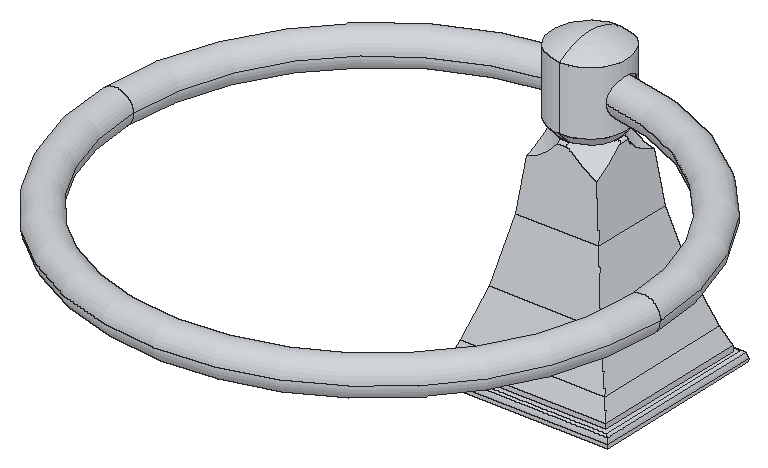
Revit family "Accessory-Towel_Ring-KOHLER-Memoirs-K-487", category Specialty Equipment, host Face, Revit 2015
Parameters (values of type "CP-Polished Chrome")
  Width = 3 1/4"  # constant formula
  URL = "https://www.us.kohler.com/us/"
  Type = 1
  Product Page URL = "http://www.us.kohler.com/us/catalog/productDetails.jsp?productNumber=487"
  Product Name = "Memoirs"  # constant formula
  Product Documentation Link = "http://www.us.kohler.com/onlinecatalog/pdf/K-487_spec.pdf"
  Model = if(Type = 1, "K-487-CP", if(Type = 2, "K-487-BN", if(Type = 3, "K-487-BV", if(Type = 4, "K-487-2BZ", "NA"))))  # "K-487-CP"
  Material = "Brass Construction"  # constant formula
  MasterFormat 2004 = "10.28.13"  # constant formula
  MasterFormat 1995 = "10820"  # constant formula
  Manufacturer Address = "444 Highland Dr, Kohler, WI 53044"  # constant formula
  Manufacturer = "KOHLER Co."  # constant formula
  Length = 6"  # constant formula
  Height = 6 3/4"  # constant formula
  Finish = Kohler-Metal-CP-Polished_Chrome
  Environmental Product Declaration = ""
  Description = "Towel Ring"  # constant formula
  Default Elevation = 42"
  Declare Label = ""
  Date Modified = "11/13/2018"  # constant formula
  Date Created = "11/13/2018"  # constant formula
  Copyright = "Copyright KOHLER Co."  # constant formula
  Contact Us = "https://www.us.kohler.com/us/static/contact.jsp"
  Assembly Code = "C1030200"
  ADA Compliant = 1 = 0  # no
Types (5): name | Type | Model | Finish
  (no name) | 1 | "K-487-CP" | Kohler-Metal-CP-Polished_Chrome
  CP-Polished Chrome | 1 | "K-487-CP" | Kohler-Metal-CP-Polished_Chrome
  BN-Vibrant Brushed Nickel | 2 | "K-487-BN" | Kohler-Metal-BN-Vibrant_Brushed_Nickel
  BV-Vibrant Brushed Bronze | 3 | "K-487-BV" | Kohler-Metal-BV-Brushed_Bronze
  2BZ-Oil-Rubbed Bronze | 4 | "K-487-2BZ" | Kohler-Metal-2BZ-Oil_Rubbed_Bronze
Reference planes (in)
  plane 1 "Center (Front/Back)": y = 0
  plane 2: z = 0
  plane 3 "Center (Left/Right)": x = 0
  plane 4: z = 3.25
  plane 5: x = 3
  plane 6: x = -3
  plane 7: y = 0.9375
  plane 8: y = -5.8125
Dimensions and locks (in)
  "Width": plane 4 to level
  "Length": plane 6 to plane 5
  "Height": plane 7 to plane 8
  aligned and locked: host face to plane 2
  aligned and locked: host face to level
Automatic sketch dimensions
  host sketch curve to host sketch curve = 96"  (x2)
Nested families (in)
  nested 1: "K-487" at (0, 0, 0), type "K-487"
Definition of nested family "K-487"
  Parameters (values of type "K-487")
    Material = none
  Reference planes (in)
    plane 1 "Center (Front/Back)": y = 0
    plane 2: z = 0
    plane 3 "Center (Left/Right)": x = 0
    plane 4: y = 0.9375
    plane 5: y = -0.9375
    plane 6: y = -5.8125
    plane 7: x = 3
    plane 8: x = -3
    plane 9: z = 3.25
    plane 10: x = -0.9375
    plane 11: x = 0.9375
    plane 12: y = 0.1875
  Forms (in)
    Sweep 1, solid, material <- "Material", detail levels medium+fine
      path origin (0, 0, 0) x (1, 0, 0) y (0, 1, 0)
        loop
          line (-0.9375, 0.9375) -> (-0.9375, -0.9375) -> (0.9375, -0.9375) -> (0.9375, 0.9375) -> (-0.9375, 0.9375)
      profile origin (0, 0.9375, 0) x (0, 1, 0) y (0, 0, 1)
        loop
          line (0, 0) -> (0, 0.0308228)
          arc (0, 0.0308228) -> (-0.0037792, 0.0625511) -> (-0.0149052, 0.0925039) r 0.1350774
          arc (-0.0149052, 0.0925039) -> (-0.0264184, 0.1049033) -> (-0.0427069, 0.1094841) r 0.03125
          line (-0.0427069, 0.1094841) -> (-0.0924999, 0.1094841) -> (-0.0924999, 0.1604858)
          arc (-0.0924999, 0.1604858) -> (-0.1323988, 0.2596282) -> (-0.1720269, 0.3588791) r 39.1568854
          arc (-0.1720269, 0.3588791) -> (-0.2640609, 0.6082146) -> (-0.3435635, 0.861824) r 5.3351777
          arc (-0.3435635, 0.861824) -> (-0.429626, 1.199728) -> (-0.4956288, 1.5421158) r 5.9152255
          arc (-0.4956288, 1.5421158) -> (-0.5464824, 1.9235867) -> (-0.5755753, 2.307331) r 6.7692959
          arc (-0.5755753, 2.307331) -> (-0.5857733, 2.3296774) -> (-0.6085763, 2.3388088) r 0.0330378
          line (-0.6085763, 2.3388088) -> (-0.6470109, 2.3388088) -> (-0.6470109, 0) -> (0, 0)
    Extrusion 2, solid, material <- "Material", detail levels medium+fine
      sketch origin (0, 0, 0) x (1, 0, 0) y (0, 1, 0)
        loop
          line (-0.2904891, 0.2904891) -> (-0.2904891, -0.2904891) -> (0.2904891, -0.2904891) -> (0.2904891, 0.2904891) -> (-0.2904891, 0.2904891)
      from 0 to 2.3388088
    Revolve 3, solid, material <- "Material", detail levels medium+fine
      sketch origin (0, 0, 0) x (0, 1, 0) y (0, 0, 1)
        loop
          line (0, 3.25) -> (0, 2.3388088) -> (0.3159476, 2.3388088) -> (0.3999999, 2.4389783) -> (0.3999999, 3.1196521)
          arc (0.3999999, 3.1196521) -> (0.2103512, 3.216591) -> (0, 3.25) r 0.6789156
        axis (0, 2.3388088) -> (0, 3.25)
      angle from 0 to 360
    Extrusion 4, void
      sketch origin (0, 0, 0) x (0, 1, 0) y (0, 0, 1)
        loop
          circle (-0.0078125, 2.7694535) r 0.2028696
      from -0.5903661 to 0.492412
    Sweep 5, solid, material <- "Material", detail levels medium+fine
      path origin (0, 0, 0) x (1, 0, 0) y (0, 1, 0)
        loop
          circle (0, -2.8125) r 3
      profile origin (-3, -2.8125, 0) x (1, 0, 0) y (0, 0, 1)
        loop
          circle (0.1875, 2.7689457) r 0.1875
    Extrusion 6, void
      sketch origin (0.46875, 0.46875, 0) x (-0.707107, 0.707107, 0) y (0, 0, 1)
        loop
          line (-0.2662834, 2.3388088) -> (-0.6544034, 2.3388088) -> (-0.6544034, 2.0159477)
          arc (-0.6544034, 2.0159477) -> (-0.4423434, 2.1557399) -> (-0.2662834, 2.3388088) r 1.1459986
      from -0.9209866 to -0.3059403
    Extrusion 7, void
      sketch origin (0.46875, 0.46875, 0) x (-0.707107, 0.707107, 0) y (0, 0, 1)
        loop
          arc (0.2681711, 2.3388088) -> (0.412761, 2.1551696) -> (0.6275326, 2.0629592) r 0.4739714
          line (0.6275326, 2.0629592) -> (0.6275326, 2.3388088) -> (0.2681711, 2.3388088)
      from -0.991863 to -0.3245184
    Extrusion 8, void
      sketch origin (0.46875, -0.46875, 0) x (0.707107, 0.707107, 0) y (0, 0, 1)
        loop
          arc (0.2785653, 2.3388088) -> (0.4199105, 2.1538072) -> (0.634294, 2.0630118) r 0.4547203
          line (0.634294, 2.0630118) -> (0.634294, 2.3388088) -> (0.2785653, 2.3388088)
      from -1.0229913 to 0.1259123
    Extrusion 9, void
      sketch origin (0.46875, -0.46875, 0) x (-0.707107, -0.707107, 0) y (0, 0, -1)
        loop
          line (0.2785653, -2.3388088) -> (0.634294, -2.3388088) -> (0.634294, -2.0630118)
          arc (0.634294, -2.0630118) -> (0.4199105, -2.1538072) -> (0.2785653, -2.3388088) r 0.4547203
      from -1.0229913 to 0.1259123
    Extrusion 10, solid, material <- "Material", detail levels coarse
      sketch origin (0, 0, 0) x (1, 0, 0) y (0, 1, 0)
        loop
          line (-0.9375, 0.9375) -> (-0.9375, -0.9375) -> (0.9375, -0.9375) -> (0.9375, 0.9375) -> (-0.9375, 0.9375)
      from 0 to 2.3388088
    Extrusion 11, solid, material <- "Material", detail levels coarse
      sketch origin (0, 0, 0) x (1, 0, 0) y (0, 1, 0)
        loop
          circle (0, 0) r 0.3999999
      from 2.3388088 to 3.2449939
    Sweep 12, solid, material <- "Material", detail levels coarse
      path origin (0, 0, 0) x (1, 0, 0) y (0, 1, 0)
        loop
          circle (0, -2.8125) r 3.0018286
      profile origin (0, 0.1893286, 0) x (0, -1, 0) y (0, 0, 1)
        loop
          circle (0.1893286, 2.7650566) r 0.1950095
  Cuts and joins
    Extrusion 6, Extrusion 7, Extrusion 8, Extrusion 9 cuts Sweep 1
    Extrusion 6, Extrusion 7, Extrusion 8, Extrusion 9 cuts Extrusion 2
    Extrusion 4 cuts Revolve 3
    joined: Sweep 1, Extrusion 2, Revolve 3
    joined: Extrusion 10, Extrusion 11, Sweep 12
  Lines and regions (in)
    Masking region 1
      outline origin (0, 0, 0) x (1, 0, 0) y (0, 0, 1)
        loop
          line (0.9375, 0) -> (0.9375, 0.0308228)
          arc (0.9375, 0.0308228) -> (0.9337208, 0.0625511) -> (0.9225948, 0.0925039) r 0.1350774
          arc (0.9225948, 0.0925039) -> (0.9110816, 0.1049033) -> (0.8947931, 0.1094841) r 0.03125
          line (0.8947931, 0.1094841) -> (0.8450001, 0.1094841) -> (0.8450001, 0.1604858)
          arc (0.8450001, 0.1604858) -> (0.8051012, 0.2596282) -> (0.7654731, 0.3588791) r 39.1568854
          arc (0.7654731, 0.3588791) -> (0.6734391, 0.6082146) -> (0.5939365, 0.861824) r 5.3351777
          arc (0.5939365, 0.861824) -> (0.507874, 1.199728) -> (0.4418712, 1.5421158) r 5.9152255
          arc (0.4418712, 1.5421158) -> (0.3910176, 1.9235867) -> (0.3619247, 2.307331) r 6.7692959
          arc (0.3619247, 2.307331) -> (0.347621, 2.3336645) -> (0.3180985, 2.3388088) r 0.0344233
          line (0.3180985, 2.3388088) -> (0.3999999, 2.4389783) -> (0.3999999, 2.5814454) -> (2.8144371, 2.5814454)
          arc (2.8144371, 2.5814454) -> (2.9463127, 2.6364577) -> (3, 2.7688782) r 0.1855722
          arc (3, 2.7688782) -> (2.9452218, 2.9002591) -> (2.8144371, 2.956446) r 0.1895088
          line (2.8144371, 2.956446) -> (0.3999999, 2.956446) -> (0.3999999, 3.1196521)
          arc (0.3999999, 3.1196521) -> (0.2103512, 3.216591) -> (0, 3.25) r 0.6789156
          arc (0, 3.25) -> (-0.2103512, 3.216591) -> (-0.3999999, 3.1196521) r 0.6789156
          line (-0.3999999, 3.1196521) -> (-0.3999999, 2.956446) -> (-2.8144371, 2.956446)
          arc (-2.8144371, 2.956446) -> (-2.9452218, 2.9002591) -> (-3, 2.7688782) r 0.1895088
          arc (-3, 2.7688782) -> (-2.9463127, 2.6364577) -> (-2.8144371, 2.5814454) r 0.1855722
          line (-2.8144371, 2.5814454) -> (-0.3999999, 2.5814454) -> (-0.3999999, 2.4389783) -> (-0.3180985, 2.3388088)
          arc (-0.3180985, 2.3388088) -> (-0.347621, 2.3336645) -> (-0.3619247, 2.307331) r 0.0344233
          arc (-0.3619247, 2.307331) -> (-0.3910176, 1.9235867) -> (-0.4418712, 1.5421158) r 6.7692959
          arc (-0.4418712, 1.5421158) -> (-0.507874, 1.199728) -> (-0.5939365, 0.861824) r 5.9152255
          arc (-0.5939365, 0.861824) -> (-0.6734391, 0.6082146) -> (-0.7654731, 0.3588791) r 5.3351777
          arc (-0.7654731, 0.3588791) -> (-0.8051012, 0.2596282) -> (-0.8450001, 0.1604858) r 39.1568854
          line (-0.8450001, 0.1604858) -> (-0.8450001, 0.1094841) -> (-0.8947931, 0.1094841)
          arc (-0.8947931, 0.1094841) -> (-0.9110816, 0.1049033) -> (-0.9225948, 0.0925039) r 0.03125
          arc (-0.9225948, 0.0925039) -> (-0.9337208, 0.0625511) -> (-0.9375, 0.0308228) r 0.1350774
          line (-0.9375, 0.0308228) -> (-0.9375, 0) -> (0.0064076, 0) -> (0.9375, 0)
    Masking region 2
      outline origin (0, 0, 0) x (0, 1, 0) y (0, 0, 1)
        loop
          line (0.9375, 0) -> (0.9375, 0.0308228)
          arc (0.9375, 0.0308228) -> (0.9337208, 0.0625511) -> (0.9225948, 0.0925039) r 0.1350774
          arc (0.9225948, 0.0925039) -> (0.9110816, 0.1049033) -> (0.8947931, 0.1094841) r 0.03125
          line (0.8947931, 0.1094841) -> (0.8450001, 0.1094841) -> (0.8450001, 0.1604858)
          arc (0.8450001, 0.1604858) -> (0.8051012, 0.2596282) -> (0.7654731, 0.3588791) r 39.1568854
          arc (0.7654731, 0.3588791) -> (0.6734391, 0.6082146) -> (0.5939365, 0.861824) r 5.3351777
          arc (0.5939365, 0.861824) -> (0.507874, 1.199728) -> (0.4418712, 1.5421158) r 5.9152255
          arc (0.4418712, 1.5421158) -> (0.3910176, 1.9235867) -> (0.3619247, 2.307331) r 6.7692959
          arc (0.3619247, 2.307331) -> (0.3467655, 2.3345056) -> (0.3159476, 2.3388088) r 0.0349323
          line (0.3159476, 2.3388088) -> (0.3999999, 2.4389783) -> (0.3999999, 3.1196521)
          arc (0.3999999, 3.1196521) -> (0.2103512, 3.216591) -> (0, 3.25) r 0.6789156
          arc (0, 3.25) -> (-0.2103512, 3.216591) -> (-0.3999999, 3.1196521) r 0.6789156
          line (-0.3999999, 3.1196521) -> (-0.3999999, 2.9564456) -> (-5.6125994, 2.9564456)
          arc (-5.6125994, 2.9564456) -> (-5.7531563, 2.9059355) -> (-5.8125, 2.7688741) r 0.1879518
          arc (-5.8125, 2.7688741) -> (-5.7531465, 2.6318616) -> (-5.6125994, 2.5814457) r 0.1878175
          line (-5.6125994, 2.5814457) -> (-0.3999999, 2.5814457) -> (-0.3999999, 2.4389783) -> (-0.3159476, 2.3388088)
          arc (-0.3159476, 2.3388088) -> (-0.3467655, 2.3345056) -> (-0.3619247, 2.307331) r 0.0349323
          arc (-0.3619247, 2.307331) -> (-0.3910176, 1.9235867) -> (-0.4418712, 1.5421158) r 6.7692959
          arc (-0.4418712, 1.5421158) -> (-0.507874, 1.199728) -> (-0.5939365, 0.861824) r 5.9152255
          arc (-0.5939365, 0.861824) -> (-0.6734391, 0.6082146) -> (-0.7654731, 0.3588791) r 5.3351777
          arc (-0.7654731, 0.3588791) -> (-0.8051012, 0.2596282) -> (-0.8450001, 0.1604858) r 39.1568854
          line (-0.8450001, 0.1604858) -> (-0.8450001, 0.1094841) -> (-0.8947931, 0.1094841)
          arc (-0.8947931, 0.1094841) -> (-0.9110816, 0.1049033) -> (-0.9225948, 0.0925039) r 0.03125
          arc (-0.9225948, 0.0925039) -> (-0.9337208, 0.0625511) -> (-0.9375, 0.0308228) r 0.1350774
          line (-0.9375, 0.0308228) -> (-0.9375, 0) -> (0.118013, 0) -> (0.9375, 0)
    Masking region 3
      outline origin (0, 0, 0) x (1, 0, 0) y (0, 1, 0)
        loop
          arc (-3, -2.8125) -> (-2.1213203, -4.9338203) -> (0, -5.8125) r 3
          arc (0, -5.8125) -> (2.1213203, -4.9338203) -> (3, -2.8125) r 3
          arc (3, -2.8125) -> (2.4302778, -1.0535941) -> (0.9375, 0.0372533) r 3
          line (0.9375, 0.0372533) -> (0.9375, 0.9375) -> (-0.9375, 0.9375) -> (-0.9375, 0.0372533)
          arc (-0.9375, 0.0372533) -> (-2.4302778, -1.0535941) -> (-3, -2.8125) r 3
        loop
          arc (-2.625, -2.8125) -> (-1.8561553, -4.6686553) -> (0, -5.4375) r 2.625
          arc (0, -5.4375) -> (1.8561553, -4.6686553) -> (2.625, -2.8125) r 2.625
          arc (2.625, -2.8125) -> (2.1623555, -1.3242649) -> (0.9375, -0.3606193) r 2.625
          line (0.9375, -0.3606193) -> (0.9375, -0.9375) -> (-0.9375, -0.9375) -> (-0.9375, -0.3606193)
          arc (-0.9375, -0.3606193) -> (-2.1623555, -1.3242649) -> (-2.625, -2.8125) r 2.625
    symbolic lines, detail levels medium+fine
      curve 1: line (0.8450001, 0, 0.1094841) -> (-0.8450001, 0, 0.1094841)
      curve 2: line (0.8450001, 0, 0.1604858) -> (-0.8450001, 0, 0.1604858)
      curve 3: arc (0.3999999, 0, 2.956446) -> (0.3489328, 0, 2.7689457) -> (0.3999999, 0, 2.5814454) r 0.3697513
      curve 4: arc (-0.3999999, 0, 2.956446) -> (-0.3467026, 0, 2.7689457) -> (-0.3999999, 0, 2.5814454) r 0.3564624
      curve 5: line (0.3999999, 0, 3.1196521) -> (-0.3999999, 0, 3.1196521)
      curve 6: line (0.3180985, 0, 2.3388088) -> (-0.3180985, 0, 2.3388088)
      curve 7: line (0.3999999, 0, 2.4389783) -> (-0.3999999, 0, 2.4389783)
      curve 8: arc (0.2648082, 0, 2.1487327) -> (0.3201315, 0, 2.1162872) -> (0.3784378, 0, 2.0895711) r 0.6368018
      curve 9: arc (0.126854, 0, 2.2439813) -> (0.1952718, 0, 2.1955469) -> (0.2648082, 0, 2.1487327) r 3.5689549
      curve 10: arc (0.0501794, 0, 2.3075248) -> (0.0874956, 0, 2.2745209) -> (0.126854, 0, 2.2439813) r 0.7754253
      curve 11: arc (0.0354917, 0, 2.326586) -> (0.0420811, 0, 2.3164741) -> (0.0501794, 0, 2.3075248) r 0.0764745
      curve 12: arc (0.0440915, 0, 2.3388088) -> (0.0359954, 0, 2.3353683) -> (0.0354917, 0, 2.326586) r 0.0083358
      curve 13: arc (-0.2648082, 0, 2.1487327) -> (-0.3201651, 0, 2.1162697) -> (-0.3785083, 0, 2.089543) r 0.6368018
      curve 14: arc (-0.126854, 0, 2.2439813) -> (-0.1952718, 0, 2.1955469) -> (-0.2648082, 0, 2.1487327) r 3.5689549
      curve 15: arc (-0.0501794, 0, 2.3075248) -> (-0.0874956, 0, 2.2745209) -> (-0.126854, 0, 2.2439813) r 0.7754253
      curve 16: arc (-0.0354917, 0, 2.326586) -> (-0.0420811, 0, 2.3164741) -> (-0.0501794, 0, 2.3075248) r 0.0764745
      curve 17: arc (-0.0440915, 0, 2.3388088) -> (-0.0359954, 0, 2.3353683) -> (-0.0354917, 0, 2.326586) r 0.0083358
      curve 18: line (0, 0.8450001, 0.1094841) -> (0, -0.8450001, 0.1094841)
      curve 19: line (0, 0.8450001, 0.1604858) -> (0, -0.8450001, 0.1604858)
      curve 20: line (0, 0.3159476, 2.3388088) -> (0, -0.3159476, 2.3388088)
      curve 21: line (0, 0.3999999, 2.4389783) -> (0, -0.3999999, 2.4389783)
      curve 22: line (0, 0.3999999, 3.1196521) -> (0, -0.3999999, 3.1196521)
      curve 23: line (0, -0.3999999, 2.9564456) -> (0, 0, 2.9564456)
      curve 24: line (0, -0.3999999, 2.5814457) -> (0, 0, 2.5814457)
      curve 25: arc (0, 0, 2.5814457) -> (0, 0.1875, 2.7689457) -> (0, 0, 2.9564456) r 0.1875
      curve 26: arc (0, 0.1950571, 2.7694535) -> (0, 0.110634, 2.9377934) -> (0, -0.076763, 2.9564456) r 0.1952019
      curve 27: arc (0, -0.0953508, 2.5814457) -> (0, 0.0986575, 2.6000636) -> (0, 0.1950571, 2.7694535) r 0.211491
      curve 28: arc (0, -0.2391536, 2.1660434) -> (0, -0.3061121, 2.1229739) -> (0, -0.3784272, 2.0896731) r 0.5689304
      curve 29: arc (0, -0.1165595, 2.2523825) -> (0, -0.1784618, 2.2100723) -> (0, -0.2391536, 2.1660434) r 2.6742099
      curve 30: arc (0, -0.0459184, 2.3114369) -> (0, -0.0796022, 2.2799518) -> (0, -0.1165595, 2.2523825) r 0.4165272
      curve 31: arc (0, -0.0350793, 2.3275087) -> (0, -0.0398126, 2.31901) -> (0, -0.0459184, 2.3114369) r 0.0571589
      curve 32: arc (0, -0.0433021, 2.3388088) -> (0, -0.0359105, 2.3355457) -> (0, -0.0350793, 2.3275087) r 0.0080463
      curve 33: arc (0, 0.2391536, 2.1660434) -> (0, 0.3061121, 2.1229739) -> (0, 0.3784272, 2.0896731) r 0.5689304
      curve 34: arc (0, 0.1165595, 2.2523825) -> (0, 0.1784618, 2.2100723) -> (0, 0.2391536, 2.1660434) r 2.6742099
      curve 35: arc (0, 0.0459184, 2.3114369) -> (0, 0.0796022, 2.2799518) -> (0, 0.1165595, 2.2523825) r 0.4165272
      curve 36: arc (0, 0.0350793, 2.3275087) -> (0, 0.0398126, 2.31901) -> (0, 0.0459184, 2.3114369) r 0.0571589
      curve 37: arc (0, 0.0433021, 2.3388088) -> (0, 0.0359105, 2.3355457) -> (0, 0.0350793, 2.3275087) r 0.0080463
      curve 38: line (0, 0.0523474, 2.3071965) -> (0, -0.049962, 2.3071965)
      curve 39: line (0.0505755, 0, 2.3071514) -> (-0.0505755, 0, 2.3071514)
      curve 40: line (-0.8450001, 0.8450001, 0) -> (0.8450001, 0.8450001, 0)
      curve 41: line (0.8450001, 0.8450001, 0) -> (0.8450001, 0.0659319, 0)
      curve 42: line (0.8450001, -0.8450001, 0) -> (-0.8450001, -0.8450001, 0)
      curve 43: line (-0.8450001, -0.8450001, 0) -> (-0.8450001, -0.3185543, 0)
      curve 44: arc (-0.3758977, 0.375794, 0) -> (-0.2686088, 0.3699556, 0) -> (-0.1612315, 0.366066, 0) r 5.9181106
      curve 45: arc (-0.3758977, 0.375794, 0) -> (-0.3699569, 0.2686362, 0) -> (-0.3659975, 0.161387, 0) r 5.8067658
      curve 46: arc (-0.3758977, -0.374206, 0) -> (-0.2684978, -0.3693704, 0) -> (-0.1610373, -0.3661514, 0) r 7.1447749
      curve 47: arc (0.374206, -0.374206, 0) -> (0.369896, -0.2979197, 0) -> (0.3665623, -0.2215845, 0) r 5.9717034
      curve 48: arc (-0.3329988, -0.2216116, 0) -> (-0.6436188, -0.2547197, 0) -> (-0.9375, -0.3606193, 0) r 1.3064562
      curve 49: arc (-0.3659975, 0.161387, 0) -> (-0.6549773, 0.114184, 0) -> (-0.9375, 0.0372533, 0) r 2.818367
      curve 50: arc (0.3329988, -0.2216116, 0) -> (0.6436188, -0.2547197, 0) -> (0.9375, -0.3606193, 0) r 1.3064562
      curve 51: arc (0.3645849, 0.1615425, 0) -> (0.6542829, 0.1143347, 0) -> (0.9375, 0.0372533, 0) r 2.818367
      curve 52: circle (0, 0, 0) r 0.3999999 normal (0, 0, 1)
      curve 53: arc (0.1611507, 0.3661016, 0) -> (0.2677219, 0.3699783, 0) -> (0.374206, 0.3757746, 0) r 5.9181106
      curve 54: arc (0.1609548, -0.3661877, 0) -> (0.2676104, -0.3694006, 0) -> (0.374206, -0.374206, 0) r 7.1447749
      curve 55: arc (-0.3680368, -0.2216031, 0) -> (-0.3714652, -0.2979304, 0) -> (-0.3758977, -0.374206, 0) r 5.8067658
      curve 56: arc (0.3645849, 0.1615425, 0) -> (0.3684337, 0.2687018, 0) -> (0.374206, 0.3757746, 0) r 5.9717034
      curve 57: line (-0.8450001, 0.0659319, 0) -> (-0.8450001, 0.8450001, 0)
      curve 58: line (0.8450001, -0.3185543, 0) -> (0.8450001, -0.8450001, 0)
      curve 59: line (-0.3758977, 0.375794, 0) -> (-0.9375, 0.9373963, 0)
      curve 60: line (0.3757705, 0.3756698, 0) -> (0.9375, 0.9373993, 0)
      curve 61: line (0.374206, -0.374206, 0) -> (0.9375, -0.9375, 0)
      curve 62: line (-0.3758977, -0.374206, 0) -> (-0.9375, -0.9358083, 0)
  Dimensions and locks (in)
    plane 8 to plane 7 = 6"
    locked: plane 4 to plane 6 at 6.75
    locked: plane 9 to level at 3.25
    locked: plane 12 to plane 6 at 6
    locked: plane 11 to plane 10 at 1.875
    locked: plane 4 to plane 5 at 1.875
    aligned and locked: plane 2 to level
